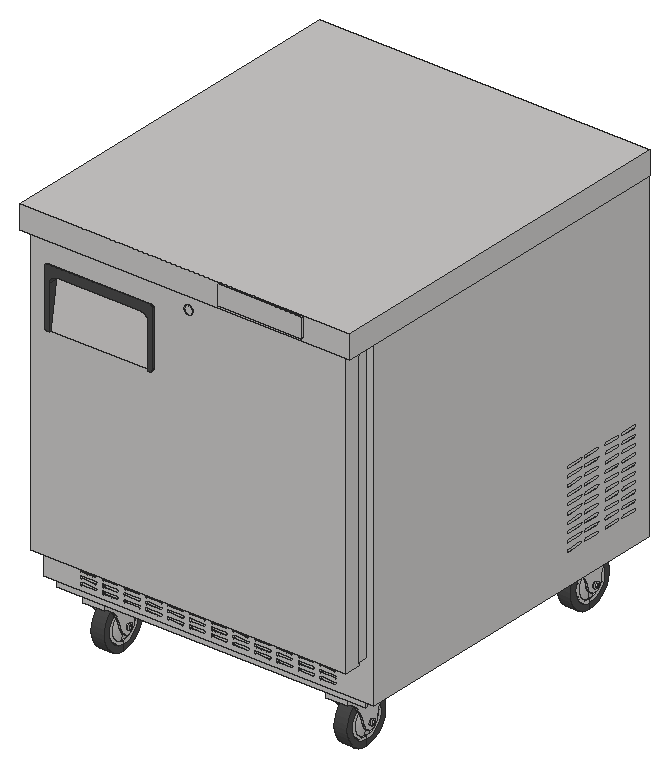
Revit family "QF_EVEREST_ETB_1_cat", category Specialty Equipment, Revit 2015
Parameters
  Weight in Pounds = 181
  Watts = if(Phase = 3, Volts * FL Amps * 1.73, Volts * FL Amps)  # 471.5 W
  Volts = 115 V
  URL Cutsheet = ""
  Specification by User = ""
  Specification by Manufacturer = ""
  Show Clearance [instance] = yes
  Serial Number = ""
  Seismic Rating = ""
  SMACNA No = ""
  Revision Code = ""
  Refrigerant Volume = 0.00 kip
  Refrigerant Type = "R-134A"
  Phase = 1
  Overall Height [instance] = Body Height + Base Height  # 880.00 mm
  Number of Poles = 1
  NAFEM Spec ID Number = ""
  Model = "ETBR1"
  Min Ckt Ampacity = 0 A
  Max Overcurrent Protection = 0 A
  Masterspec = ""
  Manufacturer = "EVEREST"
  Length = 706.00 mm
  Keynote = ""
  Item Number = ""
  Installed By = ""
  Identify Quantity as Lot = yes
  Height = 880.00 mm
  HP = "1/5"
  Furnished By = ""
  Foodservice Equipment Identifier = yes
  FL Amps = 4.1 A
  Electrical Remarks = ""
  Electric Connection Type = ""
  Elec Conn RI Height = 0.00 mm
  Elec Conn Connection Height = 0.00 mm
  Description = "BACK MOUNT UNDERCOUNTER REFRIGERATOR"
  Depth = 800.00 mm
  Cycle = 60 Hz
  Conn Plug = "NEMA 5-15P"
  Conn Conduit = yes
  CSI MasterFormat = ""
  Body Height = 755.00 mm
  Base Height [instance] = if(Show 5 Inches Caster, 125.00 mm, 64.00 mm)  # 125.00 mm
  BTUH = 1741.0 Btu/h
  Apparent Power = if(Phase = 3, Volts * FL Amps * 1.73, Volts * FL Amps)  # 471.5 VA
  Show 5 Inches Caster [instance] = not(Show 2.5 Inches Caster)  # yes
  Show 2.5 Inches Caster [instance] = no
Reference planes
  plane 1 "BACK": y = 0
  plane 2: z = 0
  plane 3 "LEFT": x = 0
  plane 4 "RIGHT": x = 706
  plane 5 "FRONT": y = -800
  plane 6 "TOP": z = 125
  plane 7 "Center Y": x = 353
  plane 8 "Center X": y = -400
  plane 9: z = 880
Dimensions and locks
  equal spacing: plane 3 "LEFT", plane 7 "Center Y", plane 4 "RIGHT"
  "Length": plane 3 "LEFT" to plane 4 "RIGHT"
  equal spacing: plane 5 "FRONT", plane 8 "Center X", plane 1 "BACK"
  "Depth": plane 5 "FRONT" to plane 1 "BACK"
  "Base Height": plane 6 "TOP" to level
  "Body Height": plane 9 to plane 6 "TOP"
  aligned and locked: plane 2 to level
  aligned and locked: nested 1 to plane 6 "TOP"
Nested families
  nested 1: "ETBR1" at (0, 0, 125), Show Clearance <- "Show Clearance", type "ETBR1"
    with Show Clearance yes
  nested 2: "2.5 INCHES & 5 INCHES 01_CASTER" at (93.42, -683.013, 0), Show 2 1/2 Inches Caster <- "Show 2.5 Inches Caster", Show 5" Casters <- "Show 5 Inches Caster", type "2.5 INCHES & 5 INCHES 01_CASTER"
    with Type Mark "", Specification by User "", Show 5" Casters yes, Show 2 1/2 Inches Caster no, Revision Code "", Item Number "", Installed By "", Identify Quantity as Lot yes, Furnished By "", Foodservice Equipment Identifier yes
  nested 3: "2.5 INCHES & 5 INCHES 01_CASTER" at (93.42, -86.013, 0), Show 2 1/2 Inches Caster <- "Show 2.5 Inches Caster", Show 5" Casters <- "Show 5 Inches Caster", type "2.5 INCHES & 5 INCHES 01_CASTER"
    with Type Mark "", Specification by User "", Show 5" Casters yes, Show 2 1/2 Inches Caster no, Revision Code "", Item Number "", Installed By "", Identify Quantity as Lot yes, Furnished By "", Foodservice Equipment Identifier yes
  nested 4: "2.5 INCHES & 5 INCHES 01_CASTER" at (612.58, -683.013, 0), Show 2 1/2 Inches Caster <- "Show 2.5 Inches Caster", Show 5" Casters <- "Show 5 Inches Caster", type "2.5 INCHES & 5 INCHES 01_CASTER"
    with Type Mark "", Specification by User "", Show 5" Casters yes, Show 2 1/2 Inches Caster no, Revision Code "", Item Number "", Installed By "", Identify Quantity as Lot yes, Furnished By "", Foodservice Equipment Identifier yes
  nested 5: "2.5 INCHES & 5 INCHES 01_CASTER" at (612.58, -86.013, 0), Show 2 1/2 Inches Caster <- "Show 2.5 Inches Caster", Show 5" Casters <- "Show 5 Inches Caster", type "2.5 INCHES & 5 INCHES 01_CASTER"
    with Type Mark "", Specification by User "", Show 5" Casters yes, Show 2 1/2 Inches Caster no, Revision Code "", Item Number "", Installed By "", Identify Quantity as Lot yes, Furnished By "", Foodservice Equipment Identifier yes
Connectors
  electrical at (353, 0, 525.433), driven by "Volts", driven by "Watts"
    settings: on nested 1, index 1, voltage 115 V, apparent load 471.5 VA, apparent load phase1 0 VA, apparent load phase2 0 VA, apparent load phase3 0 VA, power factor 1, load classification "Other", number of poles 1, system type 30, power factor state 1, is connector primary yes, connector utility no, sub classification motor no, connector description "ELECTRICAL CONNECTION"
Definition of nested family "ETBR1"
  Parameters (values of type "ETBR1")
    Weight in Pounds = 181
    Watts = if(Phase = 3, Volts * FL Amps * 1.73, Volts * FL Amps)  # 471.5 W
    Volts = 115 V
    URL Cutsheet = ""
    Specification by User = ""
    Specification by Manufacturer = ""
    Show Clearance [instance] = yes
    Serial Number = ""
    Seismic Rating = ""
    SMACNA No = ""
    Revision Code = ""
    Refrigerant Volume = 0.00 kip
    Refrigerant Type = "R-134A"
    Phase = 1
    Number of Poles = 1
    NAFEM Spec ID Number = ""
    Model = "ETBR1"
    Min Ckt Ampacity = 0 A
    Max Overcurrent Protection = 0 A
    Masterspec = ""
    Manufacturer = "EVEREST"
    Length = 706.00 mm
    Item Number = ""
    Installed By = ""
    Identify Quantity as Lot = yes
    Height = 755.00 mm
    HP = "1/5"
    Furnished By = ""
    Foodservice Equipment Identifier = yes
    FL Amps = 4.1 A
    Electrical Remarks = ""
    Electric Connection Type = ""
    Elec Conn RI Height = 0.00 mm
    Elec Conn Connection Height = 0.00 mm
    Description = "BACK MOUNT UNDERCOUNTER REFRIGERATOR"
    Depth = 800.00 mm
    Cycle = 60 Hz
    Conn Plug = ""
    Conn Conduit = yes
    CSI MasterFormat = ""
    BTUH = 1741.0 Btu/h
    Apparent Power = 0 VA
  Reference planes
    plane 1 "BACK": y = 0
    plane 2: z = 0
    plane 3 "LEFT": x = 0
    plane 4 "RIGHT": x = 706
    plane 5 "FRONT": y = -800
    plane 6 "TOP": z = 755
    plane 7 "Center Y": x = 353
    plane 8 "Center X": y = -400
    plane 9: y = -1438
  Forms (mm)
    Extrusion 1, solid
      sketch origin (0, 0, -125) x (0, 1, 0) y (0, 0, 1)
        loop
          line (0, 880) -> (-800, 880) -> (-800, 830) -> (0, 830) -> (0, 880)
      from 0 to 706
    Extrusion 2, solid
      sketch origin (0, 0, -125) x (0, 1, 0) y (0, 0, 1)
        loop
          line (-1.6, 830) -> (-736.6, 830) -> (-736.6, 140) -> (-1.6, 140) -> (-1.6, 830)
      from 0 to 706
    Extrusion 3, solid
      sketch origin (0, 0, -125) x (0, 1, 0) y (0, 0, 1)
        loop
          line (-736.6, 816.691) -> (-754.6, 816.691) -> (-754.6, 224.38) -> (-736.6, 224.38) -> (-736.6, 816.691)
      from 15 to 689
    Extrusion 4, solid
      sketch origin (0, -789.6, 698.036) x (0, 0, -1) y (1, 0, 0)
        loop
          line (605, 689) -> (0, 689) -> (0, 15) -> (605, 15) -> (605, 689)
        loop
          circle (27, 352) r 9
      from 0 to -35
    Extrusion 5, solid
      sketch origin (0, -789.6, 698.036) x (0, 0, -1) y (1, 0, 0)
        loop
          arc (43, 52) -> (44.464, 48.464) -> (48, 47) r 5
          line (48, 47) -> (167, 47)
          arc (167, 47) -> (170.536, 48.464) -> (172, 52) r 5
          line (172, 52) -> (172, 57) -> (78.791, 57)
          arc (78.791, 57) -> (68.185, 61.393) -> (63.791, 72) r 15
          line (63.791, 72) -> (63.791, 252)
          arc (63.791, 252) -> (68.185, 262.607) -> (78.791, 267) r 15
          line (78.791, 267) -> (172, 267) -> (172, 272)
          arc (172, 272) -> (170.536, 275.536) -> (167, 277) r 5
          line (167, 277) -> (48, 277)
          arc (48, 277) -> (44.464, 275.536) -> (43, 272) r 5
          line (43, 272) -> (43, 52)
      from 2.042 to -17.5
    Extrusion 6, solid
      sketch origin (0, 0, -125) x (0, 1, 0) y (0, 0, 1)
        loop
          line (-729.6, 125) -> (-727.6, 125) -> (-727.6, 138) -> (-704.6, 138) -> (-704.6, 125) -> (-664.6, 125) -> (-664.6, 138) -> (-641.6, 138) -> (-641.6, 125) -> (-639.6, 125) -> (-639.6, 140) -> (-729.6, 140) -> (-729.6, 125)
        loop
          line (-42.6, 125) -> (-42.6, 140) -> (-132.6, 140) -> (-132.6, 125) -> (-130.6, 125) -> (-130.6, 138) -> (-107.6, 138) -> (-107.6, 125) -> (-67.6, 125) -> (-67.6, 138) -> (-44.6, 138) -> (-44.6, 125) -> (-42.6, 125)
      from 23 to 683
    Extrusion 7, void
      sketch origin (0, -736.6, 705) x (0, 0, -1) y (1, 0, 0)
        loop
          line (647.1, 111.637) -> (647.1, 82.841)
          arc (647.1, 82.841) -> (650.6, 79.341) -> (654.1, 82.841) r 3.5
          line (654.1, 82.841) -> (654.1, 111.637)
          arc (654.1, 111.637) -> (650.6, 115.137) -> (647.1, 111.637) r 3.5
        loop
          line (660.1, 111.607) -> (660.1, 82.849)
          arc (660.1, 82.849) -> (663.6, 79.349) -> (667.1, 82.849) r 3.5
          line (667.1, 82.849) -> (667.1, 111.607)
          arc (667.1, 111.607) -> (663.6, 115.107) -> (660.1, 111.607) r 3.5
        loop
          line (673.1, 111.635) -> (673.1, 82.844)
          arc (673.1, 82.844) -> (676.6, 79.344) -> (680.1, 82.844) r 3.5
          line (680.1, 82.844) -> (680.1, 111.635)
          arc (680.1, 111.635) -> (676.6, 115.135) -> (673.1, 111.635) r 3.5
        loop
          line (647.1, 158.25) -> (647.1, 129.454)
          arc (647.1, 129.454) -> (650.6, 125.954) -> (654.1, 129.454) r 3.5
          line (654.1, 129.454) -> (654.1, 158.25)
          arc (654.1, 158.25) -> (650.6, 161.75) -> (647.1, 158.25) r 3.5
        loop
          line (660.1, 158.219) -> (660.1, 129.461)
          arc (660.1, 129.461) -> (663.6, 125.961) -> (667.1, 129.461) r 3.5
          line (667.1, 129.461) -> (667.1, 158.219)
          arc (667.1, 158.219) -> (663.6, 161.719) -> (660.1, 158.219) r 3.5
        loop
          line (673.1, 158.247) -> (673.1, 129.457)
          arc (673.1, 129.457) -> (676.6, 125.957) -> (680.1, 129.457) r 3.5
          line (680.1, 129.457) -> (680.1, 158.247)
          arc (680.1, 158.247) -> (676.6, 161.747) -> (673.1, 158.247) r 3.5
        loop
          line (647.1, 204.75) -> (647.1, 175.954)
          arc (647.1, 175.954) -> (650.6, 172.454) -> (654.1, 175.954) r 3.5
          line (654.1, 175.954) -> (654.1, 204.75)
          arc (654.1, 204.75) -> (650.6, 208.25) -> (647.1, 204.75) r 3.5
        loop
          line (660.1, 204.719) -> (660.1, 175.961)
          arc (660.1, 175.961) -> (663.6, 172.461) -> (667.1, 175.961) r 3.5
          line (667.1, 175.961) -> (667.1, 204.719)
          arc (667.1, 204.719) -> (663.6, 208.219) -> (660.1, 204.719) r 3.5
        loop
          line (673.1, 204.747) -> (673.1, 175.957)
          arc (673.1, 175.957) -> (676.6, 172.457) -> (680.1, 175.957) r 3.5
          line (680.1, 175.957) -> (680.1, 204.747)
          arc (680.1, 204.747) -> (676.6, 208.247) -> (673.1, 204.747) r 3.5
        loop
          line (647.1, 251.25) -> (647.1, 222.454)
          arc (647.1, 222.454) -> (650.6, 218.954) -> (654.1, 222.454) r 3.5
          line (654.1, 222.454) -> (654.1, 251.25)
          arc (654.1, 251.25) -> (650.6, 254.75) -> (647.1, 251.25) r 3.5
        loop
          line (660.1, 251.219) -> (660.1, 222.461)
          arc (660.1, 222.461) -> (663.6, 218.961) -> (667.1, 222.461) r 3.5
          line (667.1, 222.461) -> (667.1, 251.219)
          arc (667.1, 251.219) -> (663.6, 254.719) -> (660.1, 251.219) r 3.5
        loop
          line (673.1, 251.247) -> (673.1, 222.457)
          arc (673.1, 222.457) -> (676.6, 218.957) -> (680.1, 222.457) r 3.5
          line (680.1, 222.457) -> (680.1, 251.247)
          arc (680.1, 251.247) -> (676.6, 254.747) -> (673.1, 251.247) r 3.5
        loop
          line (647.1, 297.75) -> (647.1, 268.954)
          arc (647.1, 268.954) -> (650.6, 265.454) -> (654.1, 268.954) r 3.5
          line (654.1, 268.954) -> (654.1, 297.75)
          arc (654.1, 297.75) -> (650.6, 301.25) -> (647.1, 297.75) r 3.5
        loop
          line (660.1, 297.719) -> (660.1, 268.961)
          arc (660.1, 268.961) -> (663.6, 265.461) -> (667.1, 268.961) r 3.5
          line (667.1, 268.961) -> (667.1, 297.719)
          arc (667.1, 297.719) -> (663.6, 301.219) -> (660.1, 297.719) r 3.5
        loop
          line (673.1, 297.747) -> (673.1, 268.957)
          arc (673.1, 268.957) -> (676.6, 265.457) -> (680.1, 268.957) r 3.5
          line (680.1, 268.957) -> (680.1, 297.747)
          arc (680.1, 297.747) -> (676.6, 301.247) -> (673.1, 297.747) r 3.5
        loop
          line (647.1, 344.25) -> (647.1, 315.454)
          arc (647.1, 315.454) -> (650.6, 311.954) -> (654.1, 315.454) r 3.5
          line (654.1, 315.454) -> (654.1, 344.25)
          arc (654.1, 344.25) -> (650.6, 347.75) -> (647.1, 344.25) r 3.5
        loop
          line (660.1, 344.219) -> (660.1, 315.461)
          arc (660.1, 315.461) -> (663.6, 311.961) -> (667.1, 315.461) r 3.5
          line (667.1, 315.461) -> (667.1, 344.219)
          arc (667.1, 344.219) -> (663.6, 347.719) -> (660.1, 344.219) r 3.5
        loop
          line (673.1, 344.247) -> (673.1, 315.457)
          arc (673.1, 315.457) -> (676.6, 311.957) -> (680.1, 315.457) r 3.5
          line (680.1, 315.457) -> (680.1, 344.247)
          arc (680.1, 344.247) -> (676.6, 347.747) -> (673.1, 344.247) r 3.5
        loop
          line (647.1, 390.75) -> (647.1, 361.954)
          arc (647.1, 361.954) -> (650.6, 358.454) -> (654.1, 361.954) r 3.5
          line (654.1, 361.954) -> (654.1, 390.75)
          arc (654.1, 390.75) -> (650.6, 394.25) -> (647.1, 390.75) r 3.5
        loop
          line (660.1, 390.719) -> (660.1, 361.961)
          arc (660.1, 361.961) -> (663.6, 358.461) -> (667.1, 361.961) r 3.5
          line (667.1, 361.961) -> (667.1, 390.719)
          arc (667.1, 390.719) -> (663.6, 394.219) -> (660.1, 390.719) r 3.5
        loop
          line (673.1, 390.747) -> (673.1, 361.957)
          arc (673.1, 361.957) -> (676.6, 358.457) -> (680.1, 361.957) r 3.5
          line (680.1, 361.957) -> (680.1, 390.747)
          arc (680.1, 390.747) -> (676.6, 394.247) -> (673.1, 390.747) r 3.5
        loop
          line (647.1, 437.25) -> (647.1, 408.454)
          arc (647.1, 408.454) -> (650.6, 404.954) -> (654.1, 408.454) r 3.5
          line (654.1, 408.454) -> (654.1, 437.25)
          arc (654.1, 437.25) -> (650.6, 440.75) -> (647.1, 437.25) r 3.5
        loop
          line (660.1, 437.219) -> (660.1, 408.461)
          arc (660.1, 408.461) -> (663.6, 404.961) -> (667.1, 408.461) r 3.5
          line (667.1, 408.461) -> (667.1, 437.219)
          arc (667.1, 437.219) -> (663.6, 440.719) -> (660.1, 437.219) r 3.5
        loop
          line (673.1, 437.247) -> (673.1, 408.457)
          arc (673.1, 408.457) -> (676.6, 404.957) -> (680.1, 408.457) r 3.5
          line (680.1, 408.457) -> (680.1, 437.247)
          arc (680.1, 437.247) -> (676.6, 440.747) -> (673.1, 437.247) r 3.5
        loop
          line (647.1, 483.75) -> (647.1, 454.954)
          arc (647.1, 454.954) -> (650.6, 451.454) -> (654.1, 454.954) r 3.5
          line (654.1, 454.954) -> (654.1, 483.75)
          arc (654.1, 483.75) -> (650.6, 487.25) -> (647.1, 483.75) r 3.5
        loop
          line (660.1, 483.719) -> (660.1, 454.961)
          arc (660.1, 454.961) -> (663.6, 451.461) -> (667.1, 454.961) r 3.5
          line (667.1, 454.961) -> (667.1, 483.719)
          arc (667.1, 483.719) -> (663.6, 487.219) -> (660.1, 483.719) r 3.5
        loop
          line (673.1, 483.747) -> (673.1, 454.957)
          arc (673.1, 454.957) -> (676.6, 451.457) -> (680.1, 454.957) r 3.5
          line (680.1, 454.957) -> (680.1, 483.747)
          arc (680.1, 483.747) -> (676.6, 487.247) -> (673.1, 483.747) r 3.5
        loop
          line (647.1, 530.25) -> (647.1, 501.454)
          arc (647.1, 501.454) -> (650.6, 497.954) -> (654.1, 501.454) r 3.5
          line (654.1, 501.454) -> (654.1, 530.25)
          arc (654.1, 530.25) -> (650.6, 533.75) -> (647.1, 530.25) r 3.5
        loop
          line (660.1, 530.219) -> (660.1, 501.461)
          arc (660.1, 501.461) -> (663.6, 497.961) -> (667.1, 501.461) r 3.5
          line (667.1, 501.461) -> (667.1, 530.219)
          arc (667.1, 530.219) -> (663.6, 533.719) -> (660.1, 530.219) r 3.5
        loop
          line (673.1, 530.247) -> (673.1, 501.457)
          arc (673.1, 501.457) -> (676.6, 497.957) -> (680.1, 501.457) r 3.5
          line (680.1, 501.457) -> (680.1, 530.247)
          arc (680.1, 530.247) -> (676.6, 533.747) -> (673.1, 530.247) r 3.5
        loop
          line (647.1, 576.75) -> (647.1, 547.954)
          arc (647.1, 547.954) -> (650.6, 544.454) -> (654.1, 547.954) r 3.5
          line (654.1, 547.954) -> (654.1, 576.75)
          arc (654.1, 576.75) -> (650.6, 580.25) -> (647.1, 576.75) r 3.5
        loop
          line (660.1, 576.719) -> (660.1, 547.961)
          arc (660.1, 547.961) -> (663.6, 544.461) -> (667.1, 547.961) r 3.5
          line (667.1, 547.961) -> (667.1, 576.719)
          arc (667.1, 576.719) -> (663.6, 580.219) -> (660.1, 576.719) r 3.5
        loop
          line (673.1, 576.747) -> (673.1, 547.957)
          arc (673.1, 547.957) -> (676.6, 544.457) -> (680.1, 547.957) r 3.5
          line (680.1, 547.957) -> (680.1, 576.747)
          arc (680.1, 576.747) -> (676.6, 580.247) -> (673.1, 576.747) r 3.5
        loop
          line (647.1, 623.25) -> (647.1, 594.454)
          arc (647.1, 594.454) -> (650.6, 590.954) -> (654.1, 594.454) r 3.5
          line (654.1, 594.454) -> (654.1, 623.25)
          arc (654.1, 623.25) -> (650.6, 626.75) -> (647.1, 623.25) r 3.5
        loop
          line (660.1, 623.219) -> (660.1, 594.461)
          arc (660.1, 594.461) -> (663.6, 590.961) -> (667.1, 594.461) r 3.5
          line (667.1, 594.461) -> (667.1, 623.219)
          arc (667.1, 623.219) -> (663.6, 626.719) -> (660.1, 623.219) r 3.5
        loop
          line (673.1, 623.247) -> (673.1, 594.457)
          arc (673.1, 594.457) -> (676.6, 590.957) -> (680.1, 594.457) r 3.5
          line (680.1, 594.457) -> (680.1, 623.247)
          arc (680.1, 623.247) -> (676.6, 626.747) -> (673.1, 623.247) r 3.5
      from 0 to -2
    Extrusion 8, void
      sketch origin (0, 0, -125) x (0, -1, 0) y (0, 0, 1)
        loop
          arc (40.608, 372.761) -> (36.608, 368.761) -> (40.608, 364.761) r 4
          line (40.608, 364.761) -> (72.56, 364.761)
          arc (72.56, 364.761) -> (76.56, 368.761) -> (72.56, 372.761) r 4
          line (72.56, 372.761) -> (40.608, 372.761)
        loop
          arc (40.608, 354.983) -> (36.608, 350.983) -> (40.608, 346.983) r 4
          line (40.608, 346.983) -> (72.56, 346.983)
          arc (72.56, 346.983) -> (76.56, 350.983) -> (72.56, 354.983) r 4
          line (72.56, 354.983) -> (40.608, 354.983)
        loop
          arc (40.608, 337.205) -> (36.608, 333.205) -> (40.608, 329.205) r 4
          line (40.608, 329.205) -> (72.56, 329.205)
          arc (72.56, 329.205) -> (76.56, 333.205) -> (72.56, 337.205) r 4
          line (72.56, 337.205) -> (40.608, 337.205)
        loop
          arc (40.608, 319.427) -> (36.608, 315.427) -> (40.608, 311.427) r 4
          line (40.608, 311.427) -> (72.56, 311.427)
          arc (72.56, 311.427) -> (76.56, 315.427) -> (72.56, 319.427) r 4
          line (72.56, 319.427) -> (40.608, 319.427)
        loop
          arc (40.608, 301.65) -> (36.608, 297.65) -> (40.608, 293.65) r 4
          line (40.608, 293.65) -> (72.56, 293.65)
          arc (72.56, 293.65) -> (76.56, 297.65) -> (72.56, 301.65) r 4
          line (72.56, 301.65) -> (40.608, 301.65)
        loop
          arc (40.608, 283.872) -> (36.608, 279.872) -> (40.608, 275.872) r 4
          line (40.608, 275.872) -> (72.56, 275.872)
          arc (72.56, 275.872) -> (76.56, 279.872) -> (72.56, 283.872) r 4
          line (72.56, 283.872) -> (40.608, 283.872)
        loop
          arc (40.608, 266.094) -> (36.608, 262.094) -> (40.608, 258.094) r 4
          line (40.608, 258.094) -> (72.56, 258.094)
          arc (72.56, 258.094) -> (76.56, 262.094) -> (72.56, 266.094) r 4
          line (72.56, 266.094) -> (40.608, 266.094)
        loop
          arc (40.608, 248.316) -> (36.608, 244.316) -> (40.608, 240.316) r 4
          line (40.608, 240.316) -> (72.56, 240.316)
          arc (72.56, 240.316) -> (76.56, 244.316) -> (72.56, 248.316) r 4
          line (72.56, 248.316) -> (40.608, 248.316)
        loop
          arc (40.608, 230.539) -> (36.608, 226.539) -> (40.608, 222.539) r 4
          line (40.608, 222.539) -> (72.56, 222.539)
          arc (72.56, 222.539) -> (76.56, 226.539) -> (72.56, 230.539) r 4
          line (72.56, 230.539) -> (40.608, 230.539)
        loop
          arc (40.608, 212.761) -> (36.608, 208.761) -> (40.608, 204.761) r 4
          line (40.608, 204.761) -> (72.56, 204.761)
          arc (72.56, 204.761) -> (76.56, 208.761) -> (72.56, 212.761) r 4
          line (72.56, 212.761) -> (40.608, 212.761)
        loop
          arc (85.638, 372.761) -> (81.638, 368.761) -> (85.638, 364.761) r 4
          line (85.638, 364.761) -> (117.59, 364.761)
          arc (117.59, 364.761) -> (121.59, 368.761) -> (117.59, 372.761) r 4
          line (117.59, 372.761) -> (85.638, 372.761)
        loop
          arc (85.638, 354.983) -> (81.638, 350.983) -> (85.638, 346.983) r 4
          line (85.638, 346.983) -> (117.59, 346.983)
          arc (117.59, 346.983) -> (121.59, 350.983) -> (117.59, 354.983) r 4
          line (117.59, 354.983) -> (85.638, 354.983)
        loop
          arc (85.638, 337.205) -> (81.638, 333.205) -> (85.638, 329.205) r 4
          line (85.638, 329.205) -> (117.59, 329.205)
          arc (117.59, 329.205) -> (121.59, 333.205) -> (117.59, 337.205) r 4
          line (117.59, 337.205) -> (85.638, 337.205)
        loop
          arc (85.638, 319.427) -> (81.638, 315.427) -> (85.638, 311.427) r 4
          line (85.638, 311.427) -> (117.59, 311.427)
          arc (117.59, 311.427) -> (121.59, 315.427) -> (117.59, 319.427) r 4
          line (117.59, 319.427) -> (85.638, 319.427)
        loop
          arc (85.638, 301.65) -> (81.638, 297.65) -> (85.638, 293.65) r 4
          line (85.638, 293.65) -> (117.59, 293.65)
          arc (117.59, 293.65) -> (121.59, 297.65) -> (117.59, 301.65) r 4
          line (117.59, 301.65) -> (85.638, 301.65)
        loop
          arc (85.638, 283.872) -> (81.638, 279.872) -> (85.638, 275.872) r 4
          line (85.638, 275.872) -> (117.59, 275.872)
          arc (117.59, 275.872) -> (121.59, 279.872) -> (117.59, 283.872) r 4
          line (117.59, 283.872) -> (85.638, 283.872)
        loop
          arc (85.638, 266.094) -> (81.638, 262.094) -> (85.638, 258.094) r 4
          line (85.638, 258.094) -> (117.59, 258.094)
          arc (117.59, 258.094) -> (121.59, 262.094) -> (117.59, 266.094) r 4
          line (117.59, 266.094) -> (85.638, 266.094)
        loop
          arc (85.638, 248.316) -> (81.638, 244.316) -> (85.638, 240.316) r 4
          line (85.638, 240.316) -> (117.59, 240.316)
          arc (117.59, 240.316) -> (121.59, 244.316) -> (117.59, 248.316) r 4
          line (117.59, 248.316) -> (85.638, 248.316)
        loop
          arc (85.638, 230.539) -> (81.638, 226.539) -> (85.638, 222.539) r 4
          line (85.638, 222.539) -> (117.59, 222.539)
          arc (117.59, 222.539) -> (121.59, 226.539) -> (117.59, 230.539) r 4
          line (117.59, 230.539) -> (85.638, 230.539)
        loop
          arc (85.638, 212.761) -> (81.638, 208.761) -> (85.638, 204.761) r 4
          line (85.638, 204.761) -> (117.59, 204.761)
          arc (117.59, 204.761) -> (121.59, 208.761) -> (117.59, 212.761) r 4
          line (117.59, 212.761) -> (85.638, 212.761)
        loop
          arc (140.638, 372.761) -> (136.638, 368.761) -> (140.638, 364.761) r 4
          line (140.638, 364.761) -> (172.59, 364.761)
          arc (172.59, 364.761) -> (176.59, 368.761) -> (172.59, 372.761) r 4
          line (172.59, 372.761) -> (140.638, 372.761)
        loop
          arc (140.638, 354.983) -> (136.638, 350.983) -> (140.638, 346.983) r 4
          line (140.638, 346.983) -> (172.59, 346.983)
          arc (172.59, 346.983) -> (176.59, 350.983) -> (172.59, 354.983) r 4
          line (172.59, 354.983) -> (140.638, 354.983)
        loop
          arc (140.638, 337.205) -> (136.638, 333.205) -> (140.638, 329.205) r 4
          line (140.638, 329.205) -> (172.59, 329.205)
          arc (172.59, 329.205) -> (176.59, 333.205) -> (172.59, 337.205) r 4
          line (172.59, 337.205) -> (140.638, 337.205)
        loop
          arc (140.638, 319.427) -> (136.638, 315.427) -> (140.638, 311.427) r 4
          line (140.638, 311.427) -> (172.59, 311.427)
          arc (172.59, 311.427) -> (176.59, 315.427) -> (172.59, 319.427) r 4
          line (172.59, 319.427) -> (140.638, 319.427)
        loop
          arc (140.638, 301.65) -> (136.638, 297.65) -> (140.638, 293.65) r 4
          line (140.638, 293.65) -> (172.59, 293.65)
          arc (172.59, 293.65) -> (176.59, 297.65) -> (172.59, 301.65) r 4
          line (172.59, 301.65) -> (140.638, 301.65)
        loop
          arc (140.638, 283.872) -> (136.638, 279.872) -> (140.638, 275.872) r 4
          line (140.638, 275.872) -> (172.59, 275.872)
          arc (172.59, 275.872) -> (176.59, 279.872) -> (172.59, 283.872) r 4
          line (172.59, 283.872) -> (140.638, 283.872)
        loop
          arc (140.638, 266.094) -> (136.638, 262.094) -> (140.638, 258.094) r 4
          line (140.638, 258.094) -> (172.59, 258.094)
          arc (172.59, 258.094) -> (176.59, 262.094) -> (172.59, 266.094) r 4
          line (172.59, 266.094) -> (140.638, 266.094)
        loop
          arc (140.638, 248.316) -> (136.638, 244.316) -> (140.638, 240.316) r 4
          line (140.638, 240.316) -> (172.59, 240.316)
          arc (172.59, 240.316) -> (176.59, 244.316) -> (172.59, 248.316) r 4
          line (172.59, 248.316) -> (140.638, 248.316)
        loop
          arc (140.638, 230.539) -> (136.638, 226.539) -> (140.638, 222.539) r 4
          line (140.638, 222.539) -> (172.59, 222.539)
          arc (172.59, 222.539) -> (176.59, 226.539) -> (172.59, 230.539) r 4
          line (172.59, 230.539) -> (140.638, 230.539)
        loop
          arc (140.638, 212.761) -> (136.638, 208.761) -> (140.638, 204.761) r 4
          line (140.638, 204.761) -> (172.59, 204.761)
          arc (172.59, 204.761) -> (176.59, 208.761) -> (172.59, 212.761) r 4
          line (172.59, 212.761) -> (140.638, 212.761)
        loop
          arc (185.638, 372.761) -> (181.638, 368.761) -> (185.638, 364.761) r 4
          line (185.638, 364.761) -> (217.59, 364.761)
          arc (217.59, 364.761) -> (221.59, 368.761) -> (217.59, 372.761) r 4
          line (217.59, 372.761) -> (185.638, 372.761)
        loop
          arc (185.638, 354.983) -> (181.638, 350.983) -> (185.638, 346.983) r 4
          line (185.638, 346.983) -> (217.59, 346.983)
          arc (217.59, 346.983) -> (221.59, 350.983) -> (217.59, 354.983) r 4
          line (217.59, 354.983) -> (185.638, 354.983)
        loop
          arc (185.638, 337.205) -> (181.638, 333.205) -> (185.638, 329.205) r 4
          line (185.638, 329.205) -> (217.59, 329.205)
          arc (217.59, 329.205) -> (221.59, 333.205) -> (217.59, 337.205) r 4
          line (217.59, 337.205) -> (185.638, 337.205)
        loop
          arc (185.638, 319.427) -> (181.638, 315.427) -> (185.638, 311.427) r 4
          line (185.638, 311.427) -> (217.59, 311.427)
          arc (217.59, 311.427) -> (221.59, 315.427) -> (217.59, 319.427) r 4
          line (217.59, 319.427) -> (185.638, 319.427)
        loop
          arc (185.638, 301.65) -> (181.638, 297.65) -> (185.638, 293.65) r 4
          line (185.638, 293.65) -> (217.59, 293.65)
          arc (217.59, 293.65) -> (221.59, 297.65) -> (217.59, 301.65) r 4
          line (217.59, 301.65) -> (185.638, 301.65)
        loop
          arc (185.638, 283.872) -> (181.638, 279.872) -> (185.638, 275.872) r 4
          line (185.638, 275.872) -> (217.59, 275.872)
          arc (217.59, 275.872) -> (221.59, 279.872) -> (217.59, 283.872) r 4
          line (217.59, 283.872) -> (185.638, 283.872)
        loop
          arc (185.638, 266.094) -> (181.638, 262.094) -> (185.638, 258.094) r 4
          line (185.638, 258.094) -> (217.59, 258.094)
          arc (217.59, 258.094) -> (221.59, 262.094) -> (217.59, 266.094) r 4
          line (217.59, 266.094) -> (185.638, 266.094)
        loop
          arc (185.638, 248.316) -> (181.638, 244.316) -> (185.638, 240.316) r 4
          line (185.638, 240.316) -> (217.59, 240.316)
          arc (217.59, 240.316) -> (221.59, 244.316) -> (217.59, 248.316) r 4
          line (217.59, 248.316) -> (185.638, 248.316)
        loop
          arc (185.638, 230.539) -> (181.638, 226.539) -> (185.638, 222.539) r 4
          line (185.638, 222.539) -> (217.59, 222.539)
          arc (217.59, 222.539) -> (221.59, 226.539) -> (217.59, 230.539) r 4
          line (217.59, 230.539) -> (185.638, 230.539)
        loop
          arc (185.638, 212.761) -> (181.638, 208.761) -> (185.638, 204.761) r 4
          line (185.638, 204.761) -> (217.59, 204.761)
          arc (217.59, 204.761) -> (221.59, 208.761) -> (217.59, 212.761) r 4
          line (217.59, 212.761) -> (185.638, 212.761)
      from 0 to -2
    Extrusion 9, solid
      sketch origin (0, -789.6, 698.036) x (0, 0, -1) y (1, 0, 0)
        loop
          circle (27, 352) r 9
      from 0 to -35
    Extrusion 10, solid, visible <- "Show Clearance", detail levels coarse
      sketch origin (0, 0, -125) x (1, 0, 0) y (0, 1, 0)
        loop
          line (689, -789.6) -> (15, -789.6)
          arc (15, -789.6) -> (214.306, -1256.93) -> (689, -1438) r 649.819
          line (689, -1438) -> (689, -789.6)
      from 218.036 to 823.036
    Extrusion 11, solid
      sketch origin (0, 0, -125) x (1, 0, 0) y (0, 0, 1)
        loop
          circle (353, 525.433) r 10
      from 0 to 1.6
    Extrusion 12, void
      sketch origin (0, 0, 0) x (0, 1, 0) y (0, 0, 1)
        loop
          line (-772.1, 634.244) -> (-772.1, 636.244) -> (-789.6, 636.244) -> (-789.6, 526.036) -> (-772.1, 634.244)
      from 47 to 277
    Extrusion 13, solid
      sketch origin (-170, -800, 755) x (0, 0, -1) y (1, 0, 0)
        loop
          arc (3, 597.251) -> (3.586, 595.836) -> (5.001, 595.25) r 2.001
          line (5.001, 595.25) -> (43, 595.25)
          arc (43, 595.25) -> (44.414, 595.836) -> (45, 597.25) r 2
          line (45, 597.25) -> (45, 772.75)
          arc (45, 772.75) -> (44.414, 774.164) -> (43, 774.75) r 2
          line (43, 774.75) -> (5, 774.75)
          arc (5, 774.75) -> (3.586, 774.164) -> (3, 772.75) r 2
          line (3, 772.75) -> (3, 597.251)
      from 0 to 2
    Extrusion 14, void
      sketch origin (706, 0, -125) x (0, -1, 0) y (0, 0, -1)
        loop
          line (40.608, -372.761) -> (72.56, -372.761)
          arc (72.56, -372.761) -> (76.56, -368.761) -> (72.56, -364.761) r 4
          line (72.56, -364.761) -> (40.608, -364.761)
          arc (40.608, -364.761) -> (36.608, -368.761) -> (40.608, -372.761) r 4
        loop
          line (40.608, -354.983) -> (72.56, -354.983)
          arc (72.56, -354.983) -> (76.56, -350.983) -> (72.56, -346.983) r 4
          line (72.56, -346.983) -> (40.608, -346.983)
          arc (40.608, -346.983) -> (36.608, -350.983) -> (40.608, -354.983) r 4
        loop
          line (40.608, -337.205) -> (72.56, -337.205)
          arc (72.56, -337.205) -> (76.56, -333.205) -> (72.56, -329.205) r 4
          line (72.56, -329.205) -> (40.608, -329.205)
          arc (40.608, -329.205) -> (36.608, -333.205) -> (40.608, -337.205) r 4
        loop
          line (40.608, -319.427) -> (72.56, -319.427)
          arc (72.56, -319.427) -> (76.56, -315.427) -> (72.56, -311.427) r 4
          line (72.56, -311.427) -> (40.608, -311.427)
          arc (40.608, -311.427) -> (36.608, -315.427) -> (40.608, -319.427) r 4
        loop
          line (40.608, -301.65) -> (72.56, -301.65)
          arc (72.56, -301.65) -> (76.56, -297.65) -> (72.56, -293.65) r 4
          line (72.56, -293.65) -> (40.608, -293.65)
          arc (40.608, -293.65) -> (36.608, -297.65) -> (40.608, -301.65) r 4
        loop
          line (40.608, -283.872) -> (72.56, -283.872)
          arc (72.56, -283.872) -> (76.56, -279.872) -> (72.56, -275.872) r 4
          line (72.56, -275.872) -> (40.608, -275.872)
          arc (40.608, -275.872) -> (36.608, -279.872) -> (40.608, -283.872) r 4
        loop
          line (40.608, -266.094) -> (72.56, -266.094)
          arc (72.56, -266.094) -> (76.56, -262.094) -> (72.56, -258.094) r 4
          line (72.56, -258.094) -> (40.608, -258.094)
          arc (40.608, -258.094) -> (36.608, -262.094) -> (40.608, -266.094) r 4
        loop
          line (40.608, -248.316) -> (72.56, -248.316)
          arc (72.56, -248.316) -> (76.56, -244.316) -> (72.56, -240.316) r 4
          line (72.56, -240.316) -> (40.608, -240.316)
          arc (40.608, -240.316) -> (36.608, -244.316) -> (40.608, -248.316) r 4
        loop
          line (40.608, -230.539) -> (72.56, -230.539)
          arc (72.56, -230.539) -> (76.56, -226.539) -> (72.56, -222.539) r 4
          line (72.56, -222.539) -> (40.608, -222.539)
          arc (40.608, -222.539) -> (36.608, -226.539) -> (40.608, -230.539) r 4
        loop
          line (40.608, -212.761) -> (72.56, -212.761)
          arc (72.56, -212.761) -> (76.56, -208.761) -> (72.56, -204.761) r 4
          line (72.56, -204.761) -> (40.608, -204.761)
          arc (40.608, -204.761) -> (36.608, -208.761) -> (40.608, -212.761) r 4
        loop
          line (85.638, -372.761) -> (117.59, -372.761)
          arc (117.59, -372.761) -> (121.59, -368.761) -> (117.59, -364.761) r 4
          line (117.59, -364.761) -> (85.638, -364.761)
          arc (85.638, -364.761) -> (81.638, -368.761) -> (85.638, -372.761) r 4
        loop
          line (85.638, -354.983) -> (117.59, -354.983)
          arc (117.59, -354.983) -> (121.59, -350.983) -> (117.59, -346.983) r 4
          line (117.59, -346.983) -> (85.638, -346.983)
          arc (85.638, -346.983) -> (81.638, -350.983) -> (85.638, -354.983) r 4
        loop
          line (85.638, -337.205) -> (117.59, -337.205)
          arc (117.59, -337.205) -> (121.59, -333.205) -> (117.59, -329.205) r 4
          line (117.59, -329.205) -> (85.638, -329.205)
          arc (85.638, -329.205) -> (81.638, -333.205) -> (85.638, -337.205) r 4
        loop
          line (85.638, -319.427) -> (117.59, -319.427)
          arc (117.59, -319.427) -> (121.59, -315.427) -> (117.59, -311.427) r 4
          line (117.59, -311.427) -> (85.638, -311.427)
          arc (85.638, -311.427) -> (81.638, -315.427) -> (85.638, -319.427) r 4
        loop
          line (85.638, -301.65) -> (117.59, -301.65)
          arc (117.59, -301.65) -> (121.59, -297.65) -> (117.59, -293.65) r 4
          line (117.59, -293.65) -> (85.638, -293.65)
          arc (85.638, -293.65) -> (81.638, -297.65) -> (85.638, -301.65) r 4
        loop
          line (85.638, -283.872) -> (117.59, -283.872)
          arc (117.59, -283.872) -> (121.59, -279.872) -> (117.59, -275.872) r 4
          line (117.59, -275.872) -> (85.638, -275.872)
          arc (85.638, -275.872) -> (81.638, -279.872) -> (85.638, -283.872) r 4
        loop
          line (85.638, -266.094) -> (117.59, -266.094)
          arc (117.59, -266.094) -> (121.59, -262.094) -> (117.59, -258.094) r 4
          line (117.59, -258.094) -> (85.638, -258.094)
          arc (85.638, -258.094) -> (81.638, -262.094) -> (85.638, -266.094) r 4
        loop
          line (85.638, -248.316) -> (117.59, -248.316)
          arc (117.59, -248.316) -> (121.59, -244.316) -> (117.59, -240.316) r 4
          line (117.59, -240.316) -> (85.638, -240.316)
          arc (85.638, -240.316) -> (81.638, -244.316) -> (85.638, -248.316) r 4
        loop
          line (85.638, -230.539) -> (117.59, -230.539)
          arc (117.59, -230.539) -> (121.59, -226.539) -> (117.59, -222.539) r 4
          line (117.59, -222.539) -> (85.638, -222.539)
          arc (85.638, -222.539) -> (81.638, -226.539) -> (85.638, -230.539) r 4
        loop
          line (85.638, -212.761) -> (117.59, -212.761)
          arc (117.59, -212.761) -> (121.59, -208.761) -> (117.59, -204.761) r 4
          line (117.59, -204.761) -> (85.638, -204.761)
          arc (85.638, -204.761) -> (81.638, -208.761) -> (85.638, -212.761) r 4
        loop
          line (140.638, -372.761) -> (172.59, -372.761)
          arc (172.59, -372.761) -> (176.59, -368.761) -> (172.59, -364.761) r 4
          line (172.59, -364.761) -> (140.638, -364.761)
          arc (140.638, -364.761) -> (136.638, -368.761) -> (140.638, -372.761) r 4
        loop
          line (140.638, -354.983) -> (172.59, -354.983)
          arc (172.59, -354.983) -> (176.59, -350.983) -> (172.59, -346.983) r 4
          line (172.59, -346.983) -> (140.638, -346.983)
          arc (140.638, -346.983) -> (136.638, -350.983) -> (140.638, -354.983) r 4
        loop
          line (140.638, -337.205) -> (172.59, -337.205)
          arc (172.59, -337.205) -> (176.59, -333.205) -> (172.59, -329.205) r 4
          line (172.59, -329.205) -> (140.638, -329.205)
          arc (140.638, -329.205) -> (136.638, -333.205) -> (140.638, -337.205) r 4
        loop
          line (140.638, -319.427) -> (172.59, -319.427)
          arc (172.59, -319.427) -> (176.59, -315.427) -> (172.59, -311.427) r 4
          line (172.59, -311.427) -> (140.638, -311.427)
          arc (140.638, -311.427) -> (136.638, -315.427) -> (140.638, -319.427) r 4
        loop
          line (140.638, -301.65) -> (172.59, -301.65)
          arc (172.59, -301.65) -> (176.59, -297.65) -> (172.59, -293.65) r 4
          line (172.59, -293.65) -> (140.638, -293.65)
          arc (140.638, -293.65) -> (136.638, -297.65) -> (140.638, -301.65) r 4
        loop
          line (140.638, -283.872) -> (172.59, -283.872)
          arc (172.59, -283.872) -> (176.59, -279.872) -> (172.59, -275.872) r 4
          line (172.59, -275.872) -> (140.638, -275.872)
          arc (140.638, -275.872) -> (136.638, -279.872) -> (140.638, -283.872) r 4
        loop
          line (140.638, -266.094) -> (172.59, -266.094)
          arc (172.59, -266.094) -> (176.59, -262.094) -> (172.59, -258.094) r 4
          line (172.59, -258.094) -> (140.638, -258.094)
          arc (140.638, -258.094) -> (136.638, -262.094) -> (140.638, -266.094) r 4
        loop
          line (140.638, -248.316) -> (172.59, -248.316)
          arc (172.59, -248.316) -> (176.59, -244.316) -> (172.59, -240.316) r 4
          line (172.59, -240.316) -> (140.638, -240.316)
          arc (140.638, -240.316) -> (136.638, -244.316) -> (140.638, -248.316) r 4
        loop
          line (140.638, -230.539) -> (172.59, -230.539)
          arc (172.59, -230.539) -> (176.59, -226.539) -> (172.59, -222.539) r 4
          line (172.59, -222.539) -> (140.638, -222.539)
          arc (140.638, -222.539) -> (136.638, -226.539) -> (140.638, -230.539) r 4
        loop
          line (140.638, -212.761) -> (172.59, -212.761)
          arc (172.59, -212.761) -> (176.59, -208.761) -> (172.59, -204.761) r 4
          line (172.59, -204.761) -> (140.638, -204.761)
          arc (140.638, -204.761) -> (136.638, -208.761) -> (140.638, -212.761) r 4
        loop
          line (185.638, -372.761) -> (217.59, -372.761)
          arc (217.59, -372.761) -> (221.59, -368.761) -> (217.59, -364.761) r 4
          line (217.59, -364.761) -> (185.638, -364.761)
          arc (185.638, -364.761) -> (181.638, -368.761) -> (185.638, -372.761) r 4
        loop
          line (185.638, -354.983) -> (217.59, -354.983)
          arc (217.59, -354.983) -> (221.59, -350.983) -> (217.59, -346.983) r 4
          line (217.59, -346.983) -> (185.638, -346.983)
          arc (185.638, -346.983) -> (181.638, -350.983) -> (185.638, -354.983) r 4
        loop
          line (185.638, -337.205) -> (217.59, -337.205)
          arc (217.59, -337.205) -> (221.59, -333.205) -> (217.59, -329.205) r 4
          line (217.59, -329.205) -> (185.638, -329.205)
          arc (185.638, -329.205) -> (181.638, -333.205) -> (185.638, -337.205) r 4
        loop
          line (185.638, -319.427) -> (217.59, -319.427)
          arc (217.59, -319.427) -> (221.59, -315.427) -> (217.59, -311.427) r 4
          line (217.59, -311.427) -> (185.638, -311.427)
          arc (185.638, -311.427) -> (181.638, -315.427) -> (185.638, -319.427) r 4
        loop
          line (185.638, -301.65) -> (217.59, -301.65)
          arc (217.59, -301.65) -> (221.59, -297.65) -> (217.59, -293.65) r 4
          line (217.59, -293.65) -> (185.638, -293.65)
          arc (185.638, -293.65) -> (181.638, -297.65) -> (185.638, -301.65) r 4
        loop
          line (185.638, -283.872) -> (217.59, -283.872)
          arc (217.59, -283.872) -> (221.59, -279.872) -> (217.59, -275.872) r 4
          line (217.59, -275.872) -> (185.638, -275.872)
          arc (185.638, -275.872) -> (181.638, -279.872) -> (185.638, -283.872) r 4
        loop
          line (185.638, -266.094) -> (217.59, -266.094)
          arc (217.59, -266.094) -> (221.59, -262.094) -> (217.59, -258.094) r 4
          line (217.59, -258.094) -> (185.638, -258.094)
          arc (185.638, -258.094) -> (181.638, -262.094) -> (185.638, -266.094) r 4
        loop
          line (185.638, -248.316) -> (217.59, -248.316)
          arc (217.59, -248.316) -> (221.59, -244.316) -> (217.59, -240.316) r 4
          line (217.59, -240.316) -> (185.638, -240.316)
          arc (185.638, -240.316) -> (181.638, -244.316) -> (185.638, -248.316) r 4
        loop
          line (185.638, -230.539) -> (217.59, -230.539)
          arc (217.59, -230.539) -> (221.59, -226.539) -> (217.59, -222.539) r 4
          line (217.59, -222.539) -> (185.638, -222.539)
          arc (185.638, -222.539) -> (181.638, -226.539) -> (185.638, -230.539) r 4
        loop
          line (185.638, -212.761) -> (217.59, -212.761)
          arc (217.59, -212.761) -> (221.59, -208.761) -> (217.59, -204.761) r 4
          line (217.59, -204.761) -> (185.638, -204.761)
          arc (185.638, -204.761) -> (181.638, -208.761) -> (185.638, -212.761) r 4
      from 0 to -2
  Cuts and joins
    Extrusion 7, Extrusion 8, Extrusion 14 cuts Extrusion 2
    Extrusion 12 cuts Extrusion 4
  Lines and regions (mm)
    Split face 1
      outline origin (706, -736.6, 705) x (-1, 0, 0) y (0, 0, -1)
        loop
          line (638.655, 640.04) -> (638.655, 689.688) -> (67.345, 689.688) -> (67.345, 640.04) -> (638.655, 640.04)
    symbolic lines
      curve 1: line (0, 0, 0) -> (706, 0, 0)
      curve 2: line (0, -800, 0) -> (0, 0, 0)
      curve 3: line (706, -800, 0) -> (0, -800, 0)
      curve 4: line (706, 0, 0) -> (706, -800, 0)
      curve 5: arc (15.099, -800, 0) -> (41.658, -972.847, 0) -> (113.348, -1132.353, 0) r 649.819
      curve 6: line (113.348, -1132.353, 0) -> (689, -800, 0)
  Dimensions and locks
    equal spacing: plane 3 "LEFT", plane 7 "Center Y", plane 4 "RIGHT"
    "Length": plane 3 "LEFT" to plane 4 "RIGHT"
    equal spacing: plane 5 "FRONT", plane 8 "Center X", plane 1 "BACK"
    "Depth": plane 5 "FRONT" to plane 1 "BACK"
    "Height": plane 6 "TOP" to level
    plane 9 to plane 1 "BACK" = 1438.00 mm
    Extrusion 4 sketch curve to Extrusion 4 sketch curve = 674.00 mm
    aligned and locked: plane 2 to level
  Automatic sketch dimensions
    curve 3 to plane 3 "LEFT" = 0.00 mm
    plane 5 "FRONT" to curve 5 = 0.00 mm
    curve 3 to plane 4 "RIGHT" = 0.00 mm
    plane 1 "BACK" to curve 1 = 0.00 mm
    plane 3 "LEFT" to curve 6 = 113.348 mm
    curve 5 to plane 5 "FRONT" = 11.369 mm
    plane 4 "RIGHT" to curve 5 = 41.182 mm
    curve 6 to plane 9 = 305.647 mm
    plane 4 "RIGHT" to curve 6 = 17.00 mm
    Extrusion 1 sketch curve to plane 5 "FRONT" = 0.00 mm
    Extrusion 1 sketch curve to plane 1 "BACK" = 0.00 mm
    Extrusion 1 sketch curve to plane 6 "TOP" = 0.00 mm
    Extrusion 1 sketch curve to plane 6 "TOP" = 50.00 mm
    Extrusion 2 sketch curve to plane 5 "FRONT" = 63.40 mm
    plane 1 "BACK" to Extrusion 2 sketch curve = 1.60 mm
    level to Extrusion 2 sketch curve = 15.00 mm
    Extrusion 2 sketch curve to plane 6 "TOP" = 50.00 mm
    Extrusion 3 sketch curve to plane 5 "FRONT" = 45.40 mm
    Extrusion 3 sketch curve to Extrusion 3 sketch curve = 18.00 mm
    level to Extrusion 3 sketch curve = 99.38 mm
    Extrusion 3 sketch curve to plane 6 "TOP" = 63.309 mm
    plane 4 "RIGHT" to Extrusion 4 sketch curve = 17.00 mm
    Extrusion 4 sketch curve to plane 6 "TOP" = 56.964 mm
    Extrusion 4 sketch curve to plane 7 "Center Y" = 1.00 mm
    Extrusion 4 sketch curve to plane 6 "TOP" = 83.964 mm
    level to Extrusion 4 sketch curve = 93.036 mm
    Extrusion 5 sketch curve to plane 6 "TOP" = 99.964 mm
    Extrusion 5 sketch curve to Extrusion 5 sketch curve = 5.00 mm  (x5)
    Extrusion 5 sketch curve to Extrusion 5 sketch curve = 15.791 mm
    Extrusion 5 sketch curve to Extrusion 5 sketch curve = 15.00 mm  (x2)
    plane 3 "LEFT" to Extrusion 5 sketch curve = 52.00 mm
    Extrusion 5 sketch curve to Extrusion 5 sketch curve = 88.209 mm  (x2)
    Extrusion 5 sketch curve to plane 7 "Center Y" = 101.00 mm
    Extrusion 5 sketch curve to Extrusion 5 sketch curve = 20.00 mm
    Extrusion 6 sketch curve to level = 0.00 mm  (x6)
    Extrusion 6 sketch curve to plane 5 "FRONT" = 70.40 mm
    Extrusion 6 sketch curve to Extrusion 6 sketch curve = 2.00 mm  (x6)
    Extrusion 6 sketch curve to Extrusion 6 sketch curve = 23.00 mm  (x4)
    Extrusion 6 sketch curve to Extrusion 6 sketch curve = 40.00 mm  (x2)
    plane 1 "BACK" to Extrusion 6 sketch curve = 132.60 mm
    level to Extrusion 6 sketch curve = 13.00 mm
    Extrusion 6 sketch curve to Extrusion 6 sketch curve = 13.00 mm  (x3)
    Extrusion 7 sketch curve to Extrusion 2 = 42.90 mm  (x11)
    Extrusion 7 sketch curve to Extrusion 7 sketch curve = 0.00 mm
    Extrusion 7 sketch curve to Extrusion 7 sketch curve = 3.50 mm  (x36)
    Extrusion 7 sketch curve to Extrusion 7 sketch curve = 6.00 mm  (x24)
    Extrusion 2 to Extrusion 7 sketch curve = 82.841 mm
    Extrusion 7 sketch curve to Extrusion 7 sketch curve = 0.003 mm
    Extrusion 7 sketch curve to Extrusion 7 sketch curve = 0.005 mm  (x12)
    Extrusion 7 sketch curve to Extrusion 7 sketch curve = 28.758 mm  (x12)
    Extrusion 7 sketch curve to Extrusion 7 sketch curve = 0.028 mm  (x12)
    Extrusion 7 sketch curve to Extrusion 7 sketch curve = 0.031 mm  (x12)
    Extrusion 7 sketch curve to Extrusion 7 sketch curve = 17.817 mm
    Extrusion 7 sketch curve to Extrusion 7 sketch curve = 17.822 mm
    Extrusion 7 sketch curve to Extrusion 7 sketch curve = 17.704 mm  (x10)
    Extrusion 7 sketch curve to Extrusion 7 sketch curve = 17.709 mm  (x10)
    Extrusion 8 sketch curve to Extrusion 2 = 39.008 mm  (x2)
    Extrusion 8 sketch curve to Extrusion 8 sketch curve = 0.00 mm  (x63)
    Extrusion 8 sketch curve to Extrusion 8 sketch curve = 31.952 mm  (x4)
    Extrusion 8 sketch curve to Extrusion 8 sketch curve = 13.078 mm  (x6)
    Extrusion 8 sketch curve to Extrusion 8 sketch curve = 23.048 mm  (x2)
    Extrusion 8 sketch curve to Extrusion 8 sketch curve = 13.048 mm  (x6)
    Extrusion 8 sketch curve to Extrusion 2 = 64.761 mm
    Extrusion 8 sketch curve to Extrusion 8 sketch curve = 4.00 mm  (x40)
    Extrusion 8 sketch curve to Extrusion 8 sketch curve = 9.778 mm  (x36)
    Extrusion 9 sketch curve to plane 7 "Center Y" = 1.00 mm
    Extrusion 9 sketch curve to plane 6 "TOP" = 83.964 mm
    plane 9 to Extrusion 10 sketch curve = 0.00 mm
    Extrusion 10 sketch curve to plane 5 "FRONT" = 10.40 mm
    plane 3 "LEFT" to Extrusion 10 sketch curve = 15.00 mm
    Extrusion 10 sketch curve to plane 5 "FRONT" = 11.369 mm
    Extrusion 10 sketch curve to Extrusion 10 sketch curve = 649.818 mm
    Extrusion 11 sketch curve to plane 7 "Center Y" = 0.00 mm
    Extrusion 11 sketch curve to plane 6 "TOP" = 354.567 mm
    Extrusion 12 sketch curve to plane 5 "FRONT" = 10.40 mm
    Extrusion 12 sketch curve to Extrusion 12 sketch curve = 17.50 mm
    Extrusion 12 sketch curve to plane 6 "TOP" = 228.964 mm
    Extrusion 12 sketch curve to Extrusion 12 sketch curve = 108.209 mm
    Extrusion 12 sketch curve to Extrusion 12 sketch curve = 2.00 mm
    Extrusion 13 sketch curve to plane 6 "TOP" = 3.00 mm
    Extrusion 13 sketch curve to Extrusion 13 sketch curve = 2.00 mm  (x2)
    Extrusion 13 sketch curve to Extrusion 13 sketch curve = 2.001 mm
    Extrusion 13 sketch curve to Extrusion 13 sketch curve = 38.00 mm
    Extrusion 13 sketch curve to Extrusion 13 sketch curve = 37.999 mm
    plane 7 "Center Y" to Extrusion 13 sketch curve = 72.25 mm
    plane 4 "RIGHT" to Extrusion 13 sketch curve = 103.25 mm
    cut or joined group of Extrusion 2, Extrusion 7, Extrusion 8, Extrusion 14 to Split face 1 sketch curve = 7.06 mm
    Split face 1 sketch curve to cut or joined group of Extrusion 2, Extrusion 7, Extrusion 8, Extrusion 14 = 67.345 mm  (x2)
    Split face 1 sketch curve to cut or joined group of Extrusion 2, Extrusion 7, Extrusion 8, Extrusion 14 = 0.312 mm
    plane 1 "BACK" to Extrusion 14 sketch curve = 40.608 mm  (x2)
    Extrusion 14 sketch curve to Extrusion 14 sketch curve = 0.00 mm  (x63)
    Extrusion 14 sketch curve to Extrusion 14 sketch curve = 31.952 mm  (x4)
    Extrusion 14 sketch curve to Extrusion 14 sketch curve = 13.078 mm  (x6)
    Extrusion 14 sketch curve to Extrusion 14 sketch curve = 23.048 mm  (x2)
    Extrusion 14 sketch curve to Extrusion 14 sketch curve = 13.048 mm  (x6)
    level to Extrusion 14 sketch curve = 247.761 mm
    Extrusion 14 sketch curve to Extrusion 14 sketch curve = 4.00 mm  (x40)
    Extrusion 14 sketch curve to Extrusion 14 sketch curve = 9.778 mm  (x36)
    radius of Extrusion 4 sketch curve = 9.00 mm
    radius of Extrusion 9 sketch curve = 9.00 mm
    radius of Extrusion 11 sketch curve = 10.00 mm
Definition of nested family "2.5 INCHES & 5 INCHES 01_CASTER"
  Parameters (values of type "2.5 INCHES & 5 INCHES 01_CASTER")
    Weight = ""
    URL Manufacturer = ""
    URL Cutsheet = ""
    URL = ""
    Type Mark [instance] = ""
    Specification by User [instance] = ""
    Specification by Manufacturer = ""
    Show 5" Casters [instance] = yes
    Show 2 1/2 Inches Caster [instance] = yes
    Serial Number = ""
    Seismic Rating = ""
    SMACNA No = ""
    Revision Code [instance] = ""
    Omniclass Number and Title = ""
    NAFEM Spec ID Number = ""
    Model = ""
    MasterSpec. = ""
    Manufacturer = ""
    Item Number [instance] = ""
    Installed By [instance] = ""
    Identify Quantity as Lot [instance] = yes
    Furnished By [instance] = ""
    Foodservice Equipment Identifier [instance] = yes
    Description = ""
    CSI MasterFormat = ""
    CSI Master Format = ""
    Assembly Code = ""
  Reference planes
    plane 1: z = 0
    plane 2 "RIGHT": x = 0
    plane 3 "FRONT": y = 0
    plane 4 "TOP": z = 125
  Forms (mm)
    Revolve 1, solid, visible <- "Show 5" Casters"
      sketch origin (-49.224, 25.364, -25.504) x (1, 0, 0) y (0, 0, 1)
        loop
          line (18.81, 76.304) -> (18.81, 74.386) -> (20.08, 73.116) -> (21.604, 73.116) -> (21.604, 70.067) -> (31.369, 70.067) -> (31.369, 65.181) -> (34.939, 63.12) -> (37.88, 44.951) -> (34.131, 44.951) -> (34.131, 38.998) -> (34.925, 38.998) -> (34.925, 25.504) -> (63.103, 25.504) -> (63.103, 38.998) -> (63.897, 38.998) -> (63.897, 44.951) -> (60.148, 44.951) -> (63.103, 63.209) -> (66.659, 65.262) -> (66.659, 70.067) -> (77.218, 70.067) -> (77.218, 73.116) -> (78.742, 73.116) -> (80.012, 74.386) -> (80.012, 76.304) -> (18.81, 76.304)
        axis (18.81, 76.304) -> (80.012, 76.304)
      angle from 0 to 360
    Extrusion 2, solid, visible <- "Show 5" Casters"
      sketch origin (-49.224, 49.87, -19.154) x (0, 1, 0) y (0, 0, 1)
        loop
          line (-85.786, 135.49) -> (-85.786, 125.149) -> (-63.321, 125.149)
          arc (-63.321, 125.149) -> (-37.391, 124.905) -> (-11.779, 120.85) r 175.807
          arc (-11.779, 120.85) -> (3.607, 115.163) -> (17.14, 105.894) r 66.729
          line (17.14, 105.894) -> (20.005, 109.985)
          arc (20.005, 109.985) -> (12.217, 116.012) -> (3.375, 120.348) r 48.686
          line (3.375, 120.348) -> (5.384, 123.823)
          arc (5.384, 123.823) -> (-4.003, 127.534) -> (-13.953, 129.229) r 48.686
          line (-13.953, 129.229) -> (-13.953, 135.49) -> (-85.786, 135.49)
      from 29.809 to 68.639
    Revolve 3, solid, visible <- "Show 5" Casters"
      sketch origin (0, 54.748, -31.75) x (0, 1, 0) y (0, 0, 1)
        loop
          line (-56.335, 156.75) -> (-56.335, 148.085) -> (-36.335, 148.085) -> (-36.335, 156.75) -> (-56.335, 156.75)
        axis (-56.335, 148.085) -> (-56.335, 156.75)
      angle from 0 to 360
    Extrusion 4, solid, visible <- "Show 5" Casters"
      sketch origin (-50.414, 49.87, -19.154) x (0, 1, 0) y (0, 0, 1)
        loop
          line (-85.786, 135.49) -> (-85.786, 125.149) -> (-79.594, 125.149)
          arc (-79.594, 125.149) -> (-54.006, 99.703) -> (-39.582, 66.626) r 96.297
          arc (-39.582, 66.626) -> (-20.695, 54.419) -> (-8.07, 73.029) r 16.082
          arc (-8.07, 73.029) -> (-0.57, 93.403) -> (17.434, 105.537) r 35.307
          line (17.434, 105.537) -> (20.005, 109.985)
          arc (20.005, 109.985) -> (12.217, 116.012) -> (3.375, 120.348) r 48.686
          line (3.375, 120.348) -> (5.384, 123.823)
          arc (5.384, 123.823) -> (-4.003, 127.534) -> (-13.953, 129.229) r 48.686
          line (-13.953, 129.229) -> (-13.953, 135.49) -> (-85.786, 135.49)
      from 69.829 to 73.87
    Extrusion 5, solid, visible <- "Show 5" Casters"
      sketch origin (50.414, 49.87, -19.154) x (0, 1, 0) y (0, 0, -1)
        loop
          line (-85.786, -135.49) -> (-13.953, -135.49) -> (-13.953, -129.229)
          arc (-13.953, -129.229) -> (-4.003, -127.534) -> (5.384, -123.823) r 48.686
          line (5.384, -123.823) -> (3.375, -120.348)
          arc (3.375, -120.348) -> (12.217, -116.012) -> (20.005, -109.985) r 48.686
          line (20.005, -109.985) -> (17.434, -105.537)
          arc (17.434, -105.537) -> (-0.57, -93.403) -> (-8.07, -73.029) r 35.307
          arc (-8.07, -73.029) -> (-20.695, -54.419) -> (-39.582, -66.626) r 16.082
          arc (-39.582, -66.626) -> (-54.006, -99.703) -> (-79.594, -125.149) r 96.297
          line (-79.594, -125.149) -> (-85.786, -125.149) -> (-85.786, -135.49)
      from 69.829 to 73.87
    Revolve 6, solid, visible <- "Show 2 1/2 Inches Caster"
      sketch origin (-49.224, 3.777, -25.504) x (1, 0, 0) y (0, 0, 1)
        loop
          line (18.81, 48.92) -> (18.81, 47.002) -> (20.08, 45.732) -> (21.604, 45.732) -> (21.604, 42.682) -> (31.369, 42.682) -> (31.369, 40.972) -> (35.223, 38.747) -> (35.568, 36.617) -> (34.131, 36.617) -> (34.131, 33.442) -> (34.925, 33.442) -> (34.925, 25.504) -> (63.103, 25.504) -> (63.103, 33.442) -> (63.897, 33.442) -> (63.897, 36.617) -> (62.461, 36.617) -> (62.82, 38.836) -> (66.659, 41.052) -> (66.659, 42.682) -> (77.218, 42.682) -> (77.218, 45.732) -> (78.742, 45.732) -> (80.012, 47.002) -> (80.012, 48.92) -> (18.81, 48.92)
        axis (18.81, 48.92) -> (80.012, 48.92)
      angle from 0 to 360
    Extrusion 7, solid, visible <- "Show 2 1/2 Inches Caster"
      sketch origin (-49.224, 28.283, -82.654) x (0, 1, 0) y (0, 0, 1)
        loop
          line (-16.331, 137.98) -> (-16.331, 141.046) -> (-56.209, 141.046) -> (-56.209, 134.689) -> (-46.219, 134.689)
          arc (-46.219, 134.689) -> (-28.864, 132.28) -> (-11.779, 128.391) r 203.903
          arc (-11.779, 128.391) -> (-4.956, 125.849) -> (1.305, 122.131) r 40.653
          line (1.305, 122.131) -> (3.229, 124.795)
          arc (3.229, 124.795) -> (-1.843, 128.62) -> (-7.378, 131.735) r 47.633
          line (-7.378, 131.735) -> (-5.649, 134.728)
          arc (-5.649, 134.728) -> (-10.865, 136.763) -> (-16.331, 137.98) r 36.65
      from 29.809 to 68.639
    Revolve 8, solid, visible <- "Show 2 1/2 Inches Caster"
      sketch origin (0, 36.045, -95.25) x (0, 1, 0) y (0, 0, 1)
        loop
          line (-44.16, 159.25) -> (-44.16, 153.642) -> (-26.871, 153.642) -> (-26.871, 159.25) -> (-44.16, 159.25)
        axis (-44.16, 153.642) -> (-44.16, 159.25)
      angle from 0 to 360
    Extrusion 9, solid, visible <- "Show 2 1/2 Inches Caster"
      sketch origin (-50.414, 28.283, -44.554) x (0, 1, 0) y (0, 0, 1)
        loop
          line (-56.209, 102.946) -> (-56.209, 96.589) -> (-54.356, 96.589)
          arc (-54.356, 96.589) -> (-41.244, 89.382) -> (-35.367, 75.623) r 22.934
          arc (-35.367, 75.623) -> (-34.578, 70.653) -> (-32.951, 65.891) r 29.308
          arc (-32.951, 65.891) -> (-24.08, 60.288) -> (-15.547, 66.395) r 9.398
          arc (-15.547, 66.395) -> (-15.145, 67.625) -> (-14.845, 68.885) r 15.67
          arc (-14.845, 68.885) -> (-9.178, 79.163) -> (1.425, 84.197) r 19.13
          line (1.425, 84.197) -> (3.229, 86.695)
          arc (3.229, 86.695) -> (-1.843, 90.52) -> (-7.378, 93.635) r 47.633
          line (-7.378, 93.635) -> (-5.649, 96.628)
          arc (-5.649, 96.628) -> (-10.865, 98.663) -> (-16.331, 99.88) r 36.65
          line (-16.331, 99.88) -> (-16.331, 102.946) -> (-56.209, 102.946)
      from 69.829 to 73.87
    Extrusion 10, solid, visible <- "Show 2 1/2 Inches Caster"
      sketch origin (50.414, 28.283, -44.554) x (0, 1, 0) y (0, 0, -1)
        loop
          line (-56.209, -102.946) -> (-16.331, -102.946) -> (-16.331, -99.88)
          arc (-16.331, -99.88) -> (-10.865, -98.663) -> (-5.649, -96.628) r 36.65
          line (-5.649, -96.628) -> (-7.378, -93.635)
          arc (-7.378, -93.635) -> (-1.843, -90.52) -> (3.229, -86.695) r 47.633
          line (3.229, -86.695) -> (1.425, -84.197)
          arc (1.425, -84.197) -> (-9.178, -79.163) -> (-14.845, -68.885) r 19.13
          arc (-14.845, -68.885) -> (-15.145, -67.625) -> (-15.547, -66.395) r 15.67
          arc (-15.547, -66.395) -> (-24.08, -60.288) -> (-32.951, -65.891) r 9.398
          arc (-32.951, -65.891) -> (-34.578, -70.653) -> (-35.367, -75.623) r 29.308
          arc (-35.367, -75.623) -> (-41.244, -89.382) -> (-54.356, -96.589) r 22.934
          line (-54.356, -96.589) -> (-56.209, -96.589) -> (-56.209, -102.946)
      from 69.829 to 73.87
  Cuts and joins
    joined: Extrusion 2, Extrusion 4, Extrusion 5
  Lines and regions (mm)
    symbolic lines, visible <- "Show 5" Casters"
      curve 1: line (13.783, 56.222, 0) -> (38.186, 42.133, 0)
      curve 2: line (-37.017, -31.766, 0) -> (-17.967, 1.23, 0)
      curve 3: line (-12.614, -45.855, 0) -> (-37.017, -31.766, 0)
      curve 4: line (38.186, 42.133, 0) -> (19.136, 9.138, 0)
      curve 5: line (-5.267, 23.227, 0) -> (13.783, 56.222, 0)
      curve 6: line (6.436, -12.859, 0) -> (-12.614, -45.855, 0)
    symbolic lines, visible <- "Show 2 1/2 Inches Caster"
      curve 7: line (2.705, 32.305, 0) -> (20.56, 21.997, 0)
      curve 8: line (-22.695, -11.689, 0) -> (2.705, 32.305, 0)
      curve 9: line (-4.84, -21.997, 0) -> (-22.695, -11.689, 0)
      curve 10: line (20.56, 21.997, 0) -> (-4.84, -21.997, 0)
  Dimensions and locks
    plane 4 "TOP" to level = 125.00 mm  (x2)
    aligned and locked: level to plane 1
